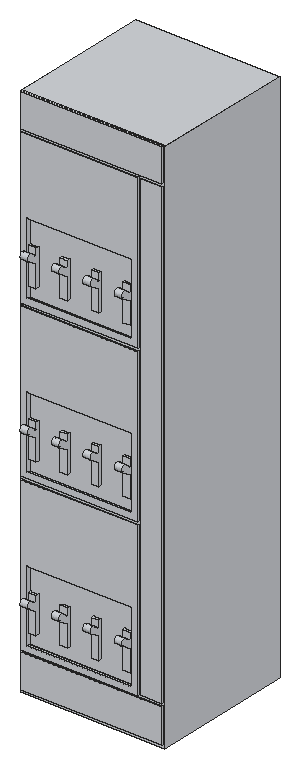
Revit family "74aed0ca3562417ebc0129c55ee26021", category Electrical Equipment, Revit 2021
Family settings
  Round Connector Dimension = Use Diameter
  Part Type = Switchboard
  OmniClass Number = 23.80.30.11.17
  OmniClass Title = Distribution Boards and Control Panels
  Seek Item ID = Circuit Breaker Switchboard-0000-USA-ENU
  Work Plane-Based = No
  Always vertical = Yes
  Cut with Voids When Loaded = No
  Shared = No
  Room Calculation Point = No
Parameters (values of type "24"x26"")
  Switchboard Width = 2' - 2"
  Switchboard Voltage = 480 V
  Switchboard Material = none
  Switchboard Length = 2' - 0"
  Switchboard Height = 7' - 6"
  Switch Visibility = not(Switchboard Length < 0' 3")  # yes
  Switch Material = none
  Switch Count = if(not(Switchboard Length > 0' 6"), 1, (Switchboard Length - 0' 6") / 0' 6" + 1)  # 4
  built-in parameter 1140142 [instance] = -1
  Number of Poles = 3
  built-in parameter 1155150 [instance] = (empty or 0)
  built-in parameter 1140140 [instance] = 400 (stored number, unit not read)
  Load Classification = Power
  Length = (Switchboard Length - 0' 6 1/2" - (Switch Count - 1) * 0' 4" - Switch Count * 0' 1 1/4") / 2  # 0' - 0 1/4"
  built-in parameter 1155100 [instance] = -1
  Default Elevation = 0' - 0"
Types (4): name | Switchboard Width | Switchboard Length | Switch Count | built-in parameter 1140140 | Length
  (no name) | 2' - 2" | 2' - 0" | 4 | 400 (stored number, unit not read) | 0' - 0 1/4"
  24"x26" | 2' - 2" | 2' - 0" | 4 | 400 (stored number, unit not read) | 0' - 0 1/4"
  30"x38" | 3' - 2" | 2' - 6" | 5 | 600 (stored number, unit not read) | 0' - 0 5/8"
  36"x38" | 3' - 2" | 3' - 0" | 6 | 800 (stored number, unit not read) | 0' - 1"
Reference planes (in)
  plane 1 "Center (Front/Back)": y = 0
  plane 2: z = 0
  plane 3 "Center (Left/Right)": x = 0
  plane 4: x = -12
  plane 5: x = 12
  plane 6: z = 90
  plane 7: y = -24.00927
  plane 8: z = 0.5
  plane 9: x = -11.75
  plane 10: x = 11.75
  plane 11: z = 6.25
  plane 12: x = 8.25
  plane 13: z = 6.5
  plane 14: z = 32.5
  plane 15: z = 32
  plane 16: z = 58.5
  plane 17: z = 58
  plane 18: z = 84.5
  plane 19: z = 84
  plane 20: x = 7.75
  plane 21: y = -24.25927
  plane 22: z = 6.75
  plane 23: x = -10.75
  plane 24: x = 6.75
  plane 25: z = 7.5
  plane 26: z = 19.5
  plane 27: z = 33.5
  plane 28: z = 45.5
  plane 29: z = 59.5
  plane 30: z = 71.5
  plane 31: y = -23.75927
  plane 32: z = 9.5
  plane 33: z = 35.5
  plane 34: z = 61.5
  plane 35: x = -10.5
  plane 36: y = -26
  plane 37: y = -13
  plane 38: y = -11.87963
  plane 39: x = 6.5
  plane 40: x = 5.25
Forms (in)
  Extrusion 1, solid, material <- "Switchboard Material"
    sketch origin (0, 0, 0) x (1, 0, 0) y (0, 0, 1)
      loop
        line (-12, 90) -> (-12, 0) -> (12, 0) -> (12, 90) -> (-12, 90)
    from 0 to 24.00927
  Extrusion 2, solid, material <- "Switchboard Material"
    sketch origin (0, 0, 0) x (1, 0, 0) y (0, 0, 1)
      loop
        line (-11.75, 32) -> (-11.75, 6.5) -> (7.75, 6.5) -> (7.75, 32) -> (-11.75, 32)
    from 24.00927 to 24.25927
  Extrusion 3, solid, material <- "Switchboard Material"
    sketch origin (0, 0, 0) x (1, 0, 0) y (0, 0, 1)
      loop
        line (-11.75, 58) -> (-11.75, 32.5) -> (7.75, 32.5) -> (7.75, 58) -> (-11.75, 58)
    from 24.00927 to 24.25927
  Extrusion 4, solid, material <- "Switchboard Material"
    sketch origin (0, 0, 0) x (1, 0, 0) y (0, 0, 1)
      loop
        line (-11.75, 84) -> (-11.75, 58.5) -> (7.75, 58.5) -> (7.75, 84) -> (-11.75, 84)
    from 24.00927 to 24.25927
  Extrusion 5, solid, material <- "Switchboard Material"
    sketch origin (0, 0, 0) x (1, 0, 0) y (0, 0, 1)
      loop
        line (-11.75, 6.25) -> (-11.75, 0.5) -> (11.75, 0.5) -> (11.75, 6.25) -> (-11.75, 6.25)
    from 24.00927 to 24.25927
  Extrusion 6, solid, material <- "Switchboard Material"
    sketch origin (0, 0, 0) x (1, 0, 0) y (0, 0, 1)
      loop
        line (8.25, 84) -> (8.25, 6.75) -> (11.75, 6.75) -> (11.75, 84) -> (8.25, 84)
    from 24.00927 to 24.25927
  Extrusion 7, solid, material <- "Switchboard Material"
    sketch origin (0, 0, 0) x (1, 0, 0) y (0, 0, 1)
      loop
        line (-11.75, 90) -> (-11.75, 84.5) -> (11.75, 84.5) -> (11.75, 90) -> (-11.75, 90)
    from 24.00927 to 24.25927
  Extrusion 8, void
    sketch origin (0, 0, 0) x (1, 0, 0) y (0, 0, 1)
      loop
        line (-10.75, 71.5) -> (-10.75, 59.5) -> (6.75, 59.5) -> (6.75, 71.5) -> (-10.75, 71.5)
    from 23.75927 to 24.25927
  Extrusion 9, void
    sketch origin (0, 0, 0) x (1, 0, 0) y (0, 0, 1)
      loop
        line (-10.75, 45.5) -> (-10.75, 33.5) -> (6.75, 33.5) -> (6.75, 45.5) -> (-10.75, 45.5)
    from 23.75927 to 24.25927
  Extrusion 10, void
    sketch origin (0, 0, 0) x (1, 0, 0) y (0, 0, 1)
      loop
        line (-10.75, 19.5) -> (-10.75, 7.5) -> (6.75, 7.5) -> (6.75, 19.5) -> (-10.75, 19.5)
    from 23.75927 to 24.25927
  Extrusion 11, solid, material <- "Switchboard Material"
    sketch origin (0, 0, 0) x (1, 0, 0) y (0, 1, 0)
      loop
        line (-12, 0) -> (-12, -23.75927) -> (12, -23.75927) -> (12, 0) -> (-12, 0)
    from 0 to 90
  Extrusion 12, solid, material <- "Switchboard Material"
    sketch origin (0, 0, 0) x (1, 0, 0) y (0, 1, 0)
      loop
        circle (0, -11.87963) r 0.25
    from 84.5 to 90
Cuts and joins
  Extrusion 8, Extrusion 9, Extrusion 10 cuts Extrusion 1
  Extrusion 10 cuts Extrusion 2
  Extrusion 9 cuts Extrusion 3
  Extrusion 8 cuts Extrusion 4
  joined: Extrusion 1, Extrusion 2, Extrusion 3, Extrusion 4, Extrusion 5, Extrusion 6, Extrusion 7
  joined: Extrusion 11, Extrusion 12
Dimensions and locks (in)
  equal spacing: plane 5, plane 3 "Center (Left/Right)", plane 4
  "Switchboard Length": plane 5 to plane 4
  "Switchboard Height": plane 6 to plane 2
  locked: plane 8 to plane 2 at 0.5
  locked: plane 9 to plane 4 at 0.25
  locked: plane 5 to plane 10 at 0.25
  locked: plane 11 to plane 8 at 5.75
  locked: plane 10 to plane 12 at 3.5
  locked: plane 13 to plane 11 at 0.25
  locked: plane 14 to plane 13 at 26
  locked: plane 14 to plane 15 at 0.5
  locked: plane 16 to plane 14 at 26
  locked: plane 16 to plane 17 at 0.5
  locked: plane 18 to plane 16 at 26
  locked: plane 18 to plane 19 at 0.5
  locked: plane 12 to plane 20 at 0.5
  locked: plane 7 to plane 21 at 0.25
  locked: plane 22 to plane 11 at 0.5
  locked: plane 23 to plane 9 at 1
  locked: plane 20 to plane 24 at 1
  locked: plane 25 to plane 13 at 1
  locked: plane 26 to plane 25 at 12
  locked: plane 27 to plane 14 at 1
  locked: plane 28 to plane 27 at 12
  locked: plane 29 to plane 16 at 1
  locked: plane 30 to plane 29 at 12
  locked: plane 31 to plane 7 at 0.25
  locked: plane 32 to plane 25 at 2
  locked: plane 33 to plane 27 at 2
  locked: plane 34 to plane 29 at 2
  "Length": plane 35 to plane 23
  locked: plane 21 to plane 36 at 1.74073
  "Switchboard Width": plane 1 "Center (Front/Back)" to plane 36
  equal spacing: plane 1 "Center (Front/Back)", plane 37, plane 36
  equal spacing: plane 31, plane 38, plane 1 "Center (Front/Back)"
  "Length": plane 24 to plane 39
  locked: plane 39 to plane 40 at 1.25
  equal spacing: group 1, group 3, group 4, group 2  (x3)
  equal spacing: group 5, group 9, group 10, group 6  (x3)
  equal spacing: group 7, group 11, group 12, group 8  (x3)
  aligned and locked: plane 4 to Extrusion 1 sketch curve
  aligned and locked: Extrusion 1 sketch curve to plane 6
  aligned and locked: plane 2 to Extrusion 1 sketch curve
  aligned and locked: Extrusion 1 sketch curve to plane 5
  aligned and locked: Extrusion 1 to plane 7
  aligned and locked: Extrusion 1 to plane 1 "Center (Front/Back)"
  aligned and locked: plane 9 to Extrusion 2 sketch curve
  aligned and locked: Extrusion 2 sketch curve to plane 15
  aligned and locked: plane 13 to Extrusion 2 sketch curve
  aligned and locked: Extrusion 2 sketch curve to plane 20
  aligned and locked: Extrusion 2 to plane 21
  aligned and locked: plane 7 to Extrusion 2
  aligned and locked: plane 9 to Extrusion 3 sketch curve
  aligned and locked: Extrusion 3 sketch curve to plane 17
  aligned and locked: plane 14 to Extrusion 3 sketch curve
  aligned and locked: Extrusion 3 sketch curve to plane 20
  aligned and locked: Extrusion 3 to plane 21
  aligned and locked: plane 7 to Extrusion 3
  aligned and locked: plane 9 to Extrusion 4 sketch curve
  aligned and locked: Extrusion 4 sketch curve to plane 19
  aligned and locked: plane 16 to Extrusion 4 sketch curve
  aligned and locked: Extrusion 4 sketch curve to plane 20
  aligned and locked: Extrusion 4 to plane 21
  aligned and locked: plane 7 to Extrusion 4
  aligned and locked: plane 9 to Extrusion 5 sketch curve
  aligned and locked: Extrusion 5 sketch curve to plane 11
  aligned and locked: plane 8 to Extrusion 5 sketch curve
  aligned and locked: Extrusion 5 sketch curve to plane 10
  aligned and locked: Extrusion 5 to plane 21
  aligned and locked: plane 7 to Extrusion 5
  aligned and locked: plane 12 to Extrusion 6 sketch curve
  aligned and locked: Extrusion 6 sketch curve to plane 19
  aligned and locked: plane 22 to Extrusion 6 sketch curve
  aligned and locked: Extrusion 6 sketch curve to plane 10
  aligned and locked: Extrusion 6 to plane 21
  aligned and locked: plane 7 to Extrusion 6
  aligned and locked: plane 9 to Extrusion 7 sketch curve
  aligned and locked: Extrusion 7 sketch curve to plane 6
  aligned and locked: plane 18 to Extrusion 7 sketch curve
  aligned and locked: Extrusion 7 sketch curve to plane 10
  aligned and locked: Extrusion 7 to plane 21
  aligned and locked: plane 7 to Extrusion 7
  aligned and locked: plane 23 to Extrusion 8 sketch curve
  aligned and locked: Extrusion 8 sketch curve to plane 30
  aligned and locked: plane 29 to Extrusion 8 sketch curve
  aligned and locked: Extrusion 8 sketch curve to plane 24
  aligned and locked: Extrusion 2 to Extrusion 8
  aligned and locked: plane 31 to Extrusion 8
  aligned and locked: plane 23 to Extrusion 9 sketch curve
  aligned and locked: Extrusion 9 sketch curve to plane 28
  aligned and locked: plane 27 to Extrusion 9 sketch curve
  aligned and locked: Extrusion 9 sketch curve to plane 24
  aligned and locked: Extrusion 2 to Extrusion 9
  aligned and locked: plane 23 to Extrusion 10 sketch curve
  aligned and locked: Extrusion 10 sketch curve to plane 26
  aligned and locked: plane 25 to Extrusion 10 sketch curve
  aligned and locked: Extrusion 10 sketch curve to plane 24
  aligned and locked: Extrusion 2 to Extrusion 10
  aligned and locked: plane 3 "Center (Left/Right)" to nested 1
  aligned and locked: nested 1 to plane 37
  aligned and locked: Extrusion 9 to Extrusion 8
  aligned and locked: Extrusion 10 to Extrusion 8
  aligned and locked: Extrusion 11 sketch curve to cut or joined group 1 (Extrusion 1, Extrusion 2, Extrusion 3, Extrusion 4, Extrusion 5, Extrusion 6, Extrusion 7, Extrusion 8, Extrusion 9, Extrusion 10)  (x2)
  aligned and locked: Extrusion 11 sketch curve to plane 5
  aligned and locked: Extrusion 11 to plane 2
  aligned and locked: plane 6 to Extrusion 11
  aligned and locked: plane 31 to Extrusion 11 sketch curve
  aligned and locked: plane 38 to Extrusion 12 sketch curve
  aligned and locked: plane 3 "Center (Left/Right)" to Extrusion 12 sketch curve
  aligned and locked: plane 6 to Extrusion 12
  aligned and locked: Extrusion 12 to plane 18
  aligned and locked: nested 2 to plane 31
  aligned and locked: nested 3 to plane 31
  aligned and locked: nested 4 to plane 31
  aligned and locked: plane 32 to nested 2
  aligned and locked: plane 33 to nested 3
  aligned and locked: plane 34 to nested 4
  aligned and locked: plane 35 to nested 2
  aligned and locked: plane 35 to nested 3
  aligned and locked: plane 35 to nested 4
  aligned and locked: plane 32 to nested 5
  aligned and locked: plane 40 to nested 5
  aligned and locked: nested 5 to plane 31
  aligned and locked: plane 33 to nested 8
  aligned and locked: plane 40 to nested 8
  aligned and locked: nested 8 to plane 31
  aligned and locked: plane 34 to nested 9
  aligned and locked: plane 40 to nested 9
  aligned and locked: nested 9 to plane 31
Automatic sketch dimensions
  radius of Extrusion 12 sketch curve = 0' - 0 1/4"
Nested families (in)
  nested 1: "Label Annotation 3-32" at (0, -13, 0), type "Label Annotation 3-32", detail levels coarse+medium
  nested 2: "Switch A" at (-9.25, -23.75927, 15.5), type "Switch A"
  nested 3: "Switch A" at (-9.25, -23.75927, 41.5), type "Switch A"
  nested 4: "Switch A" at (-9.25, -23.75927, 67.5), type "Switch A"
  nested 5: "Switch A" at (6.5, -23.75927, 15.5), type "Switch A"
  nested 6: "Switch A" at (-4, -23.75927, 15.5), type "Switch A"
  nested 7: "Switch A" at (1.25, -23.75927, 15.5), type "Switch A"
  nested 8: "Switch A" at (6.5, -23.75927, 41.5), type "Switch A"
  nested 9: "Switch A" at (6.5, -23.75927, 67.5), type "Switch A"
  nested 10: "Switch A" at (-4, -23.75927, 41.5), type "Switch A"
  nested 11: "Switch A" at (1.25, -23.75927, 41.5), type "Switch A"
  nested 12: "Switch A" at (-4, -23.75927, 67.5), type "Switch A"
  nested 13: "Switch A" at (1.25, -23.75927, 67.5), type "Switch A"
Connectors (in)
  electrical at (0, -11.87963, 90), driven by "Number of Poles", driven by "Switchboard Voltage", driven by "Load Classification"
    settings: on Extrusion 12, index 1, voltage 480 V, apparent load 0 VA, apparent load phase1 0 VA, apparent load phase2 0 VA, apparent load phase3 0 VA, power factor 0.8, load classification "Power", number of poles 3, system type 31, power factor state 1, is connector primary yes, connector utility no, sub classification motor no, connector description ""
  cabletrayconduit at (0, -11.87963, 90), diameter 24
    settings: on cut or joined group of Extrusion 11, Extrusion 12, index 2, connector width 1' - 0", connector height 1' - 0", connector angle 0.00°, system type 32, placement type 1, profile type 0, connector reference index -1, is primary connector yes, connector utility param no, connector description ""
  cabletrayconduit at (-12, -12.00463, 45), diameter 24
    settings: on cut or joined group 1, index 3, connector width 1' - 0", connector height 1' - 0", connector angle 0.00°, system type 32, placement type 1, profile type 0, connector reference index -1, is primary connector no, connector utility param no, connector description ""
  cabletrayconduit at (12, -12.00463, 45), diameter 24
    settings: on cut or joined group 1, index 4, connector width 1' - 0", connector height 1' - 0", connector angle 0.00°, system type 32, placement type 1, profile type 0, connector reference index -1, is primary connector no, connector utility param no, connector description ""
  cabletrayconduit at (0, 0, 45), diameter 24
    settings: on cut or joined group 1, index 5, connector width 1' - 0", connector height 1' - 0", connector angle 0.00°, system type 32, placement type 1, profile type 0, connector reference index -1, is primary connector no, connector utility param no, connector description ""
  cabletrayconduit at (0, -12.00463, 0), diameter 24
    settings: on cut or joined group 1, index 6, connector width 1' - 0", connector height 1' - 0", connector angle 0.00°, system type 32, placement type 1, profile type 0, connector reference index -1, is primary connector no, connector utility param no, connector description ""
Definition of nested family "Switch A"
  Parameters
    Material = none
    Default Elevation = 0' - 0"
    Assembly Code = ""
  Reference planes (in)
    plane 1 "Center (Front/Back)": y = 0
    plane 2: z = 0
    plane 3 "Center (Left/Right)": x = 0
    plane 4: x = -1.25
    plane 5: z = -6
    plane 6: y = -0.5
    plane 7: z = -1.125
    plane 8: z = -2.375
    plane 9: through (0, -0.5, -1.125) normal (0, 0.5592, 0.829)
    plane 10: through (0, -0.5, -2.375) normal (0, 0.5592, 0.829)
    plane 11: through (0, -1.4341, -0.49494) normal (0, -0.829, 0.5592)
    plane 12: through (0, -1.72384, -0.92451) normal (0, 0.5592, 0.829)
  Forms (in)
    Extrusion 1, solid, material <- "Material"
      sketch origin (0, 0, 0) x (1, 0, 0) y (0, 0, 1)
        loop
          line (-1.25, 0) -> (-1.25, -6) -> (0, -6) -> (0, 0) -> (-1.25, 0)
      from 0 to 0.5
    Extrusion 2, solid, material <- "Material"
      sketch origin (0, 0, 0) x (0, 1, 0) y (0, 0, 1)
        loop
          line (-0.5, -1.125) -> (-1.4341, -0.49494)
          arc (-1.4341, -0.49494) -> (-2.15341, -0.63476) -> (-2.01359, -1.35407) r 0.51815
          line (-2.01359, -1.35407) -> (-0.5, -2.375) -> (-0.5, -1.125)
      from -1.25 to 0
  Cuts and joins
    joined: Extrusion 1, Extrusion 2
  Dimensions and locks (in)
    locked: plane 2 to plane 5 at 6  (x2)
    locked: plane 3 "Center (Left/Right)" to plane 4 at 1.25
    locked: plane 6 to plane 1 "Center (Front/Back)" at 0.5
    locked: plane 2 to plane 7 at 1.125
    locked: plane 7 to plane 8 at 1.25
    Extrusion 2 sketch curve to Extrusion 2 sketch curve = 0' - 1.12673"
    equal spacing: plane 9, plane 12, plane 10
    locked: plane 7 to plane 9 (angle 34.00°)
    locked: plane 8 to plane 10 (angle 34.00°)
    angle plane 10 to plane 11 = 90.00°
    aligned and locked: plane 4 to Extrusion 1 sketch curve
    aligned and locked: Extrusion 1 sketch curve to plane 2
    aligned and locked: plane 5 to Extrusion 1 sketch curve
    aligned and locked: Extrusion 1 sketch curve to plane 3 "Center (Left/Right)"
    aligned and locked: Extrusion 1 to plane 1 "Center (Front/Back)"
    aligned and locked: Extrusion 1 to plane 6
    aligned and locked: Extrusion 2 sketch curve to plane 9
    aligned and locked: Extrusion 2 sketch curve to plane 10
    aligned and locked: plane 11 to Extrusion 2 sketch curve  (x2)
    aligned and locked: Extrusion 1 to Extrusion 2 sketch curve  (x3)
    aligned and locked: Extrusion 2 sketch curve to plane 6
    aligned and locked: Extrusion 2 to plane 4
    aligned and locked: plane 3 "Center (Left/Right)" to Extrusion 2
Definition of nested family "Label Annotation 3-32"
  Parameters
    Label = ""
  Reference planes (in)
    plane 1: y = 0
    plane 2: x = 0
  Text (in)
    label "Label" at (0.00375, -0.00345, 0), shows "Label"
